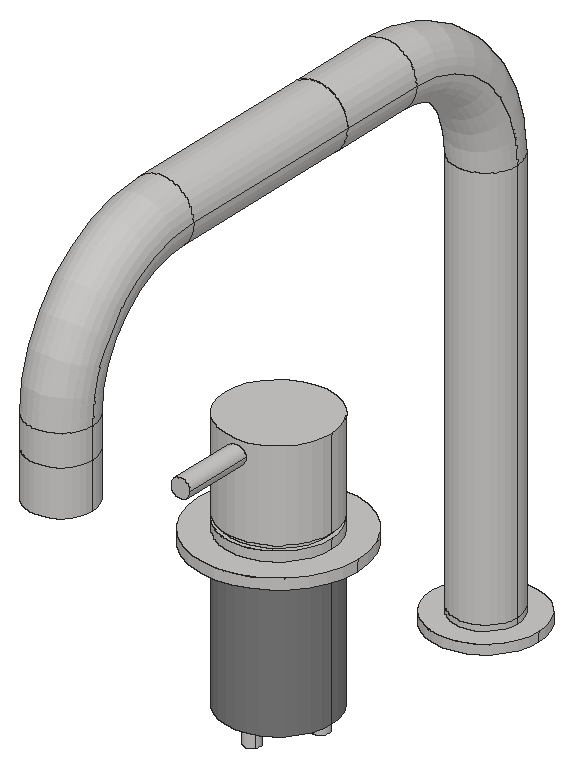
Revit family "SC5", category Plumbing Fixtures, Revit 2021
Family settings
  Round Connector Dimension = Use Diameter
  Part Type = Normal
  Work Plane-Based = No
  Always vertical = Yes
  Cut with Voids When Loaded = No
  Shared = No
  Room Calculation Point = No
Parameters
  e-mail = "info@vola.com"
  URL = "http://vola.com"
  Telephone = "+45 7023 5500"
  Quality management standard = "ISO 9001"
  Organisation no. / DUNS no. = "17531328"
  Occupational health and safety management standard = "ISO 18001"
  Mounting Instructions = "http://vola.com/service/producturl.ashx?name=SC5"
  Model = "SC5"
  Materials and components information = "http://vola.com/service/producturl.ashx?name=SC5"
  Manufacturer = "VOLA A/S"
  Maintenance Instructions = "http://vola.com/service/producturl.ashx?name=SC5"
  Guarantee = "2 years"
  Flow = "30,00 l/min"
  Environmental management standard = "ISO 14000"
  Default Elevation = 0.00 mm
  Connection - All relevant connections = "10mm flexible hose"
  Approvals = "http://vola.com/service/producturl.ashx?name=SC5"
Reference planes
  plane 1 "Center (Front/Back)": y = 0
  plane 2: z = 0
  plane 3 "Center (Left/Right)": x = 0
Dimensions and locks
  aligned and locked: plane 2 to level
Nested families
  nested 1: "090D" at (0, 0, 0), type "090D"
  nested 2: "2500" at (-78, 0, 0), type "2500"
Connectors
  piping at (-67.175, 6.25, -63), diameter 6
    settings: on nested 2, index 1, connector inside diameter 0.23622", connector length 0.00 mm, flow factor 0, pipe flow 0 GPM, pressure drop 0.00 psi, fitting loss kfactor 0, connector angle 0.00°, fixture units 0, engagement length 0.00 mm, angle of deflection 0.00°, flow configuration 0, flow direction 1, fitting loss method 0, system type 20, joint type 0, gender type 0, connector reference index -1, connector utility 0, adjustable connector no, is connector primary yes, connector description ""
  piping at (-88.825, 6.25, -63), diameter 6
    settings: on nested 2, index 2, connector inside diameter 0.23622", connector length 0.00 mm, flow factor 0, pipe flow 0 GPM, pressure drop 0.00 psi, fitting loss kfactor 0, connector angle 0.00°, fixture units 0, engagement length 0.00 mm, angle of deflection 0.00°, flow configuration 0, flow direction 1, fitting loss method 0, system type 19, joint type 0, gender type 0, connector reference index -1, connector utility 0, adjustable connector no, is connector primary no, connector description ""
Definition of nested family "090D"
  Parameters
    e-mail = "info@vola.com"
    URL = "http://vola.com"
    Telephone = "+45 7023 5500"
    Quality management standard = "ISO 9001"
    Organisation no. / DUNS no. = "17531328"
    Occupational health and safety management standard = "ISO 18001"
    Mounting Instructions = "http://vola.com/service/producturl.ashx?name=090D"
    Model = "090D"
    Materials and components information = "http://vola.com/service/producturl.ashx?name=090D"
    Manufacturer = "VOLA A/S"
    Maintenance Instructions = "http://vola.com/service/producturl.ashx?name=090D"
    Guarantee = "2 years"
    Environmental management standard = "ISO 14000"
    Default Elevation = 0.00 mm
    Connection - All relevant connections = ""
    Approvals = "http://vola.com/service/producturl.ashx?name=090D"
  Reference planes
    plane 1 "Center (Front/Back)": y = 0
    plane 2: z = 0
    plane 3 "Center (Left/Right)": x = 0
  Forms (mm)
    Sweep 1, solid
      path origin (0, 0, -1) x (0, 1, 0) y (0, 0, 1)
        loop
          line (0, 6.5) -> (0, 159)
          arc (0, 159) -> (-13.912, 192.588) -> (-47.5, 206.5) r 47.5
          line (-47.5, 206.5) -> (-80, 206.5)
      profile origin (0, 0, 81.75) x (0, -1, 0) y (1, 0, 0)
        loop
          circle (0, 0) r 12
    Extrusion 2, solid
      sketch origin (0, 0, 0) x (1, 0, 0) y (0, 1, 0)
        loop
          circle (0, 0) r 20
      from 0 to 3.5
    Extrusion 3, solid
      sketch origin (0, 0, 3.5) x (1, 0, 0) y (0, 1, 0)
        loop
          circle (0, 0) r 12
      from 0 to 2
    Sweep 4, solid
      path origin (0, 0, 1.5) x (0, 1, 0) y (0, 0, 1)
        loop
          line (-80, 204) -> (-152.5, 204)
          arc (-152.5, 204) -> (-186.088, 190.088) -> (-200, 156.5) r 47.5
          line (-200, 156.5) -> (-200, 145)
      profile origin (0, -116.25, 205.5) x (0, 0, -1) y (1, 0, 0)
        loop
          circle (0, 0) r 12
    Extrusion 5, solid
      sketch origin (0, -200, 146.5) x (0, -1, 0) y (-1, 0, 0)
        loop
          circle (0, 0) r 12
      from 0 to 17.2
  Cuts and joins
    joined: Sweep 1, Extrusion 2
  Dimensions and locks
    aligned and locked: plane 2 to level
Definition of nested family "2500"
  Parameters
    e-mail = "info@vola.com"
    URL = "http://vola.com"
    Telephone = "+45 7023 5500"
    Quality management standard = "ISO 9001"
    Organisation no. / DUNS no. = "17531328"
    Occupational health and safety management standard = "ISO 18001"
    Mounting Instructions = "http://vola.com/service/producturl.ashx?name=2500"
    Model = "2500"
    Materials and components information = "http://vola.com/service/producturl.ashx?name=2500"
    Manufacturer = "VOLA A/S"
    Maintenance Instructions = "http://vola.com/service/producturl.ashx?name=2500"
    Guarantee = "2 years"
    Flow = "18,70 l/min"
    Environmental management standard = "ISO 14000"
    Default Elevation = 0.00 mm
    Connection - All relevant connections = "10mm flexible hose"
    Approvals = "http://vola.com/service/producturl.ashx?name=2500"
  Reference planes
    plane 1 "Center (Front/Back)": y = 0
    plane 2: z = 0
    plane 3 "Center (Left/Right)": x = 0
  Forms (mm)
    Extrusion 1, solid
      sketch origin (0, 0, 0) x (1, 0, 0) y (0, 1, 0)
        loop
          circle (0, 0) r 30
      from 0 to 4
    Extrusion 2, solid
      sketch origin (0, 0, 7.5) x (1, 0, 0) y (0, 1, 0)
        loop
          circle (0, 0) r 18.25
      from 0 to 2
    Extrusion 3, solid
      sketch origin (0, 0, 9.5) x (1, 0, 0) y (0, 1, 0)
        loop
          circle (0, 0) r 20
      from 0 to 33.5
    Extrusion 4, solid
      sketch origin (0, 0, 3.25) x (1, 0, 0) y (0, 0, 1)
        loop
          circle (0, 34.5) r 3.5
      from 0 to 46
    Extrusion 5, solid
      sketch origin (0, 0, 0) x (0, 1, 0) y (1, 0, 0)
        loop
          circle (0, 0) r 20
      from 0 to 55
    Extrusion 6, solid
      sketch origin (0, 0, -55) x (0, 1, 0) y (1, 0, 0)
        loop
          circle (6.25, 10.825) r 3
        loop
          circle (6.25, -10.825) r 3
        loop
          circle (-12.5, 0) r 3
      from 0 to 8
    Extrusion 7, solid
      sketch origin (0, 0, 4) x (1, 0, 0) y (0, 1, 0)
        loop
          circle (0, 0) r 20
      from 0 to 3.5
  Cuts and joins
    joined: Extrusion 3, Extrusion 4
  Lines and regions (mm)
    model lines
      curve 1: line (6.05, -19.063, 43) -> (6.05, 19.063, 43)
      curve 2: line (-6.05, -19.063, 43) -> (-6.05, 19.063, 43)
    reference lines
      curve 3: line (-10.825, 6.25, -55) -> (-10.825, 6.25, -80)
      curve 4: line (10.825, 6.25, -55) -> (10.825, 6.25, -80)
  Dimensions and locks
    aligned and locked: plane 2 to level
